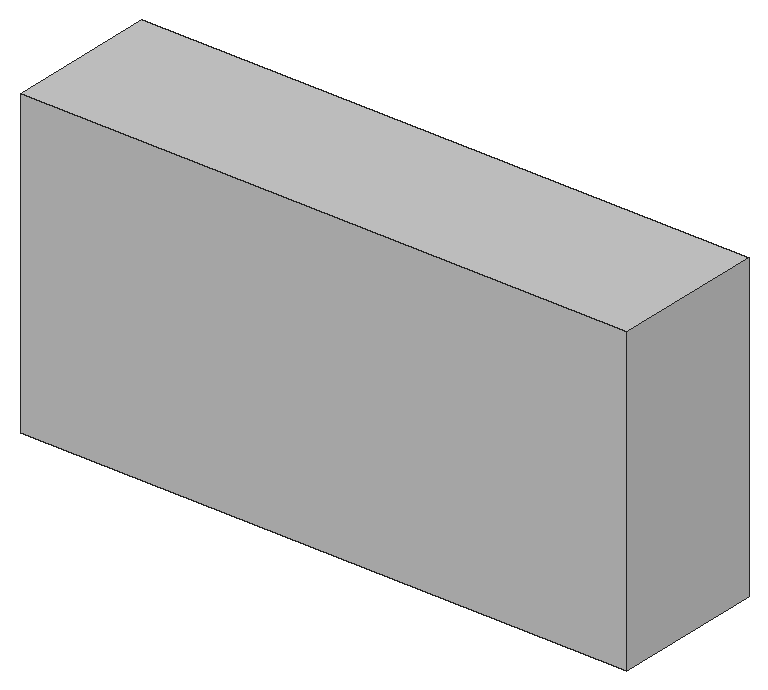
Revit family "Concrete-Rectangular Beam", category Structural Framing, Revit 2018
Family settings
  Display in Hidden Views = Edges Hidden by Other Members
  Structural Framing Length Roundoff = 0' - 0"
  Section Shape = Not Defined
  Material for Model Behavior = Concrete
  Always export as geometry = No
  OmniClass Number = 23.25.30.11.14.14
  OmniClass Title = Beams
  Always vertical = Yes
  Cut with Voids When Loaded = No
  Symbolic Representation = From Family
  Shared = No
  Show family pre-cut in plan views = Yes
Parameters (values of type "12 x 24")
  Structural Material [instance] = Concrete, Cast-in-Place gray
  Assembly Code = "B10"
  Length [instance] = 5' - 0"
  b = 1' - 0"
  h = 2' - 0"
Types (3): name | b | h
  (no name) | 1' - 0" | 2' - 0"
  16 x 32 | 1' - 4" | 2' - 8"
  12 x 24 | 1' - 0" | 2' - 0"
Reference planes (in)
  plane 1 "Center (Front/Back)": y = 0
  plane 2: z = 0
  plane 3 "Center (Left/Right)": x = 0.1815
  plane 4 "Member Left": x = -23.8185
  plane 5 "Member Right": x = 24.1815
  plane 6: y = 6
  plane 7: y = -6
  plane 8: z = 12
  plane 9 "Bottom": z = -12
  plane 10 "Left": x = -29.8185
  plane 11 "Right": x = 30.1815
Forms (in)
  Sweep 1, solid, material "Concrete, Cast-in-Place gray" <- "Structural Material"
    path origin (0, 0, 0) x (1, 0, 0) y (0, 1, 0)
      loop
        line (24.1815, 0) -> (-23.8185, 0)
    profile "Rectangular Beam-Profile : Rectangular Beam-Profile" origin (0.1815, 0, 0) x (0, -1, 0) y (0, 0, 1)
      loop
        line (-6, -12) -> (6, -12) -> (6, 12) -> (-6, 12) -> (-6, -12)
Dimensions and locks (in)
  "b": plane 6 to plane 7
  equal spacing: plane 9 "Bottom", plane 2, plane 8
  equal spacing: plane 6, plane 1 "Center (Front/Back)", plane 7
  "h": plane 9 "Bottom" to plane 8
  "Length": plane 10 "Left" to plane 11 "Right"
  aligned and locked: Sweep 1 sketch curve to plane 1 "Center (Front/Back)"
  aligned and locked: plane 4 "Member Left" to Sweep 1 sketch curve
  aligned and locked: plane 5 "Member Right" to Sweep 1 sketch curve
